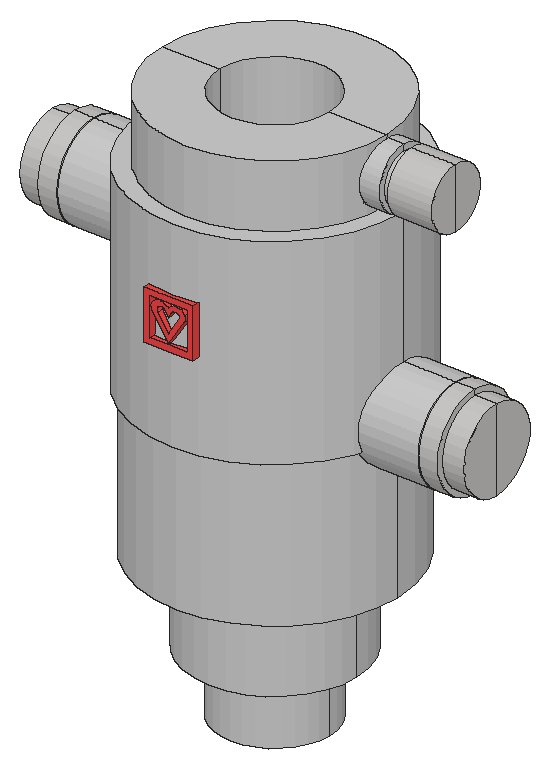
Revit family "Клапан предотвращения обратного потока 0302", category Rohrzubehör, Revit 2021
Family settings
  Bemaßung runder Anschluss = Durchmesser verwenden
  Teiletyp = Unterbricht
  OmniClass-Nummer = 23.65.55.14
  OmniClass-Titel = Valves for Liquid Services
  Arbeitsebenenbasiert = Nein
  Immer vertikal = Ja
  Beim Laden mit Abzugskörper schneiden = Nein
  Gemeinsam genutzt = Nein
Parameters (values of type "DN15 (3/4"-3/4")")
  Уплотнение = "EPDM"  # constant formula
  Примечание = "В соответствии со статьей 33 Регламента REACH (Registration; Evaluation; Authorisation; Restriction of Chemicals) (EC № 1907/2006) мы обязаны указать, что свинец внесен в список SVHC (Substances of Very High Concern - вещества очень высокой важности) и весовой процент свинца во всех латунных компонентах заводского изготовления в наших изделиях, превышает 0,1 % (w/w) (CAS: 7439-92-1 / EINECS: 231-100-4).\r\nПоскольку свинец является легирующим компонентом сплава, прямое негативное влияние исключается, и поэтому дополнительной информации о безопасном использовании не требуется."
  Область применения = "Клапан предотвращения обратного потока устанавливается на водоразборной арматуре с подключение под шланг.\r\nБлагодаря своей компактной конструкции клапан применяется в тех случаях, когда необходима привязка к сточным водам."
  Макс. рабочее давление = 1000000.0 Pa  # constant formula
  Макс. рабочая температура = 65 °C  # constant formula
  Корпус = "штампованная латунь (CW617N), хромированная"  # constant formula
  Макс. допустимая рабочая температура (кратковременно) = 80 °C  # constant formula
  Исполнение = "Клапан предотвращения обратного потока ВА разработан согласно требованиям нормы DIN EN 1717.\r\nСогласно этой нормы качество воды, в зависимости от степени загрязнения, разделяется на 5 категорий.\r\nКлапан предотвращения обратного потока типа ВА обеспечивает защиту от непитьевой воды до 4 категории, - это самый высокий класс защиты, который может обеспечить арматура.\r\nКлапан предотвращения обратного потока укомплектован стопорным болтом и фильтрующим элементом от загрязнения.\r\nЭтот фильтрующий диск должен быть правильно установлен на арматуре.\r\nНа него сверху устанавливается уплотнение.\r\nУстановка фильтра-грязевика перед клапаном предотвращения обратного потока помогает обеспечить его долгий срок службы.\r\nКлапан предотвращения обратного потока может быть установлен только в вертикальном положении.\r\nHERZ-клапан предотвращения обратного потока морозоустойчивый."
  Vorgabe-Ansicht = 0.00 mm
  URL = "www.herz-armaturen.ru"
  Картридж клапана предотвращения обратного потока = "высококачественный устойчивый к известковому налету пластик"  # constant formula
  SCTWSEQ = "AW;SBT_TYP_AW=\"104\";2"
  SCTWCODE = "04;12;02"  # constant formula
  S03 = 29.00 mm  # constant formula
  S02 = 53.00 mm  # constant formula
  S01 = 13.00 mm  # constant formula
  NennweiteEin [instance] = if([20_20], 20.00 mm, if([25_20], 25.00 mm, if([25_25], 25.00 mm, 0.00 mm)))  # 20.00 mm
  NennweiteAus [instance] = if([20_20], 20.00 mm, if([25_20], 20.00 mm, if([25_25], 25.00 mm, 0.00 mm)))  # 20.00 mm
  Среда = "вода (не пар)"  # constant formula
  LO01 = 70.00 mm  # constant formula
  IG (ein) [instance] = NennweiteEin / 2  # 10.00 mm
  Hersteller = "HERZ Armaturen Ges.m.b.H."  # constant formula
  H09 = 7.50 mm  # constant formula
  H08 = 24.50 mm  # constant formula
  H07 = 8.50 mm  # constant formula
  H06 = 57.50 mm  # constant formula
  H05 = 6.00 mm  # constant formula
  H04 = 11.50 mm  # constant formula
  H03 = 54.00 mm  # constant formula
  H02 = 27.00 mm  # constant formula
  H01 = 102.00 mm  # constant formula
  GT (IG) [instance] = if([20_20], 11.30 mm, if([25_20], 12.50 mm, if([25_25], 12.50 mm, 0.00 mm)))  # 11.30 mm
  GT (AG) [instance] = if([20_20], 11.30 mm, if([25_20], 12.50 mm, if([25_25], 12.50 mm, 0.00 mm)))  # 11.30 mm
  Положение при монтаже = "вертикальное"  # constant formula
  D10 = 4.00 mm  # constant formula
  D09 = 40.50 mm  # constant formula
  D08 = 4.50 mm  # constant formula
  D07 = 5.50 mm  # constant formula
  D06 = 33.00 mm  # constant formula
  D05 [instance] = (NennweiteEin / 2) + 1.00 mm  # 11.00 mm
  D04 = 15.00 mm  # constant formula
  D03 = 22.50 mm  # constant formula
  D02 = 23.50 mm  # constant formula
  D01 = 20.50 mm  # constant formula
  Номер заказа = if([20_20], "I030202", if([25_20], "I030203", if([25_25], "I030213", "0")))  # "I030202"
  AG (aus) [instance] = NennweiteAus / 2  # 10.00 mm
  25_25 = no
  25_20 = no
  20_20 = yes
Types (4, lengths in mm): name | NennweiteEin | NennweiteAus | IG (ein) | GT (IG) | GT (AG) | D05 | Номер заказа | AG (aus) | 25_25 | 25_20 | 20_20
  (no name) | 20.00 | 20.00 | 10.00 | 11.30 | 11.30 | 11.00 | "I030202" | 10.00 | no | no | yes
  DN15 (3/4"-3/4") | 20.00 | 20.00 | 10.00 | 11.30 | 11.30 | 11.00 | "I030202" | 10.00 | no | no | yes
  DN20 (1"-3/4") | 25.00 | 20.00 | 12.50 | 12.50 | 12.50 | 13.50 | "I030203" | 10.00 | no | yes | no
  DN20 (1"-1") | 25.00 | 25.00 | 12.50 | 12.50 | 12.50 | 13.50 | "I030213" | 12.50 | yes | no | no
Reference planes
  plane 1 "Mitte (Vorne/hinten)": y = 0
  plane 2: z = 0
  plane 3 "Mitte (Links/rechts)": x = 0
Forms (mm)
  Revolve 1, solid, material "Messing, vernickelt", detail levels fine
    sketch origin (0, 0, 0) x (1, 0, 0) y (0, 0, 1)
      loop
        line (0, 0) -> (0, 90.7) -> (-10, 90.7) -> (-10, 102) -> (-20.5, 102) -> (-20.5, 90.5) -> (-23.5, 90.5) -> (-23.5, 54) -> (-22.5, 54) -> (-22.5, 27) -> (-15, 27) -> (-15, 11.3) -> (-10, 11.3) -> (-10, 0) -> (0, 0)
      axis (0, 102) -> (0, 0)
    angle from 0 to 360
  Revolve 2, solid, material "Messing, vernickelt", detail levels fine
    sketch origin (0, 0, 0) x (1, 0, 0) y (0, 0, 1)
      loop
        line (11, 101.5) -> (11, 96) -> (23.5, 96) -> (23.5, 101.5) -> (11, 101.5)
      axis (11, 96) -> (23.5, 96)
    angle from 0 to 360
  Revolve 3, solid, material "Messing, vernickelt", detail levels fine
    sketch origin (0, 0, 0) x (1, 0, 0) y (0, 0, 1)
      loop
        line (0, 66) -> (0, 57.5) -> (33, 57.5) -> (33, 66) -> (0, 66)
      axis (33, 57.5) -> (0, 57.5)
    angle from 0 to 360
  Revolve 4, solid, material "Messing, vernickelt", detail levels fine
    sketch origin (0, 0, 0) x (1, 0, 0) y (0, 0, 1)
      loop
        line (0, 77.5) -> (0, 86) -> (-33, 86) -> (-33, 77.5) -> (0, 77.5)
      axis (-33, 77.5) -> (0, 77.5)
    angle from 0 to 360
  Revolve 5, solid, material "Edelstahl", detail levels fine
    sketch origin (0, 0, 0) x (1, 0, 0) y (0, 0, 1)
      loop
        line (23.5, 96) -> (33, 96) -> (33, 101.5) -> (25, 101.5) -> (25, 100.5) -> (23.5, 100.5) -> (23.5, 96)
      axis (23.5, 96) -> (33, 96)
    angle from 0 to 360
  Revolve 6, solid, material "Edelstahl", detail levels fine
    sketch origin (0, 0, 0) x (1, 0, 0) y (0, 0, 1)
      loop
        line (33, 57.5) -> (40.5, 57.5) -> (40.5, 65) -> (36.5, 65) -> (36.5, 66) -> (33, 66) -> (33, 57.5)
      axis (33, 57.5) -> (40.5, 57.5)
    angle from 0 to 360
  Revolve 7, solid, material "Edelstahl", detail levels fine
    sketch origin (0, 0, 20) x (-1, 0, 0) y (0, 0, 1)
      loop
        line (33, 57.5) -> (40.5, 57.5) -> (40.5, 65) -> (36.5, 65) -> (36.5, 66) -> (33, 66) -> (33, 57.5)
      axis (33, 57.5) -> (40.5, 57.5)
    angle from 0 to 360
Lines and regions (mm)
  model lines, detail levels coarse+medium
    curve 1: line (-23.5, 0, 102) -> (23.5, 0, 102)
    curve 2: line (-23.5, 0, 0) -> (-23.5, 0, 102)
    curve 3: line (23.5, 0, 0) -> (-23.5, 0, 0)
    curve 4: line (23.5, 0, 102) -> (23.5, 0, 0)
    curve 5: line (-10.5, 0, 102) -> (-10.5, 0, 49)
    curve 6: line (-10.5, 0, 29) -> (-10.5, 0, 0)
    curve 7: line (10.5, 0, 102) -> (10.5, 0, 49)
    curve 8: line (10.5, 0, 29) -> (10.5, 0, 0)
    curve 9: line (0, 23.5, 102) -> (0, -23.5, 102)
    curve 10: line (0, 23.5, 0) -> (0, 23.5, 102)
    curve 11: line (0, -23.5, 0) -> (0, 23.5, 0)
    curve 12: line (0, -23.5, 102) -> (0, -23.5, 0)
    curve 13: line (0, 10.5, 102) -> (0, 10.5, 49)
    curve 14: line (0, 10.5, 29) -> (0, 10.5, 0)
    curve 15: line (0, -10.5, 102) -> (0, -10.5, 49)
    curve 16: line (0, -10.5, 29) -> (0, -10.5, 0)
Dimensions and locks
  "H01": Revolve 1 sketch curve to plane 2
  "IG (ein)": Revolve 1 sketch curve to plane 3 "Mitte (Links/rechts)"
  "AG (aus)": Revolve 1 sketch curve to plane 3 "Mitte (Links/rechts)"
  "GT (IG)": Revolve 1 sketch curve to Revolve 1 sketch curve
  "GT (AG)": Revolve 1 sketch curve to Revolve 1 sketch curve
  "D01": Revolve 1 sketch curve to plane 3 "Mitte (Links/rechts)"
  "D02": plane 3 "Mitte (Links/rechts)" to Revolve 1 sketch curve
  "D03": Revolve 1 sketch curve to plane 3 "Mitte (Links/rechts)"
  "D04": Revolve 1 sketch curve to plane 3 "Mitte (Links/rechts)"
  "H02": Revolve 1 sketch curve to plane 2
  "H03": Revolve 1 sketch curve to plane 2
  "H04": Revolve 1 sketch curve to Revolve 1 sketch curve
  "H05": Revolve 1 to Revolve 2 sketch curve
  "D02": Revolve 2 sketch curve to plane 3 "Mitte (Links/rechts)"
  "D05": Revolve 2 sketch curve to plane 3 "Mitte (Links/rechts)"
  "H06": Revolve 3 sketch curve to plane 2
  "H07": Revolve 3 sketch curve to Revolve 3 sketch curve
  "D06": Revolve 3 sketch curve to plane 3 "Mitte (Links/rechts)"
  "D06": plane 3 "Mitte (Links/rechts)" to Revolve 4 sketch curve
  "H07": Revolve 4 sketch curve to Revolve 4 sketch curve
  "H08": Revolve 1 to Revolve 4 sketch curve
  "D06": Revolve 5 sketch curve to plane 3 "Mitte (Links/rechts)"
  Revolve 5 sketch curve to Revolve 5 sketch curve = 1.50 mm
  "D02": Revolve 5 sketch curve to plane 3 "Mitte (Links/rechts)"
  "D07": Revolve 5 sketch curve to Revolve 5 sketch curve
  "H05": Revolve 1 to Revolve 5 sketch curve
  "D07": Revolve 2 sketch curve to Revolve 2 sketch curve
  "D08": Revolve 5 sketch curve to Revolve 5 sketch curve
  "D06": plane 3 "Mitte (Links/rechts)" to Revolve 6 sketch curve
  "D09": Revolve 6 sketch curve to plane 3 "Mitte (Links/rechts)"
  "D10": Revolve 6 sketch curve to Revolve 6 sketch curve
  "H07": Revolve 6 sketch curve to Revolve 6 sketch curve
  "H09": Revolve 6 sketch curve to Revolve 6 sketch curve
  "D10": Revolve 7 sketch curve to Revolve 7 sketch curve
  "H07": Revolve 7 sketch curve to Revolve 7 sketch curve
  "H09": Revolve 7 sketch curve to Revolve 7 sketch curve
  "H08": Revolve 1 to Revolve 7 sketch curve
  "D06": plane 3 "Mitte (Links/rechts)" to Revolve 7 sketch curve
  "D09": plane 3 "Mitte (Links/rechts)" to Revolve 7 sketch curve
  "D02": nested 1 to plane 1 "Mitte (Vorne/hinten)"
  "LO01": nested 1 to plane 2
  "H01": curve 1 to plane 2
  "D02": curve 4 to plane 3 "Mitte (Links/rechts)" to curve 2
  "S01": curve 2 to curve 5
  "S01": curve 7 to curve 4
  "S01": curve 6 to curve 2
  "S01": curve 8 to curve 4
  "S02": curve 1 to curve 7
  "S02": curve 1 to curve 5
  "S03": curve 8 to curve 3
  "S03": curve 6 to curve 3
  "H01": curve 9 to plane 2
  "S03": curve 16 to plane 2
  "S02": curve 15 to curve 9
  "S01": curve 15 to curve 12
  "S01": curve 10 to curve 13
  "D02": curve 10 to plane 1 "Mitte (Vorne/hinten)" to curve 12
  "S01": curve 10 to curve 14
  "S01": curve 16 to curve 12
  "S03": curve 14 to plane 2
  "S02": curve 13 to curve 9
  aligned and locked: level to plane 2
Automatic sketch dimensions
  curve 16 to level = 0.00 mm
  curve 8 to level = 0.00 mm
  Revolve 1 sketch curve to plane 3 "Mitte (Links/rechts)" = 0.00 mm  (x2)
  Revolve 1 sketch curve to level = 0.00 mm
  Revolve 1 sketch curve to level = 366.045 mm
  Revolve 1 sketch curve to Revolve 1 sketch curve = 2112.315 mm
  Revolve 2 sketch curve to Revolve 2 sketch curve = 0.00 mm  (x3)
  Revolve 3 sketch curve to plane 3 "Mitte (Links/rechts)" = 0.00 mm  (x2)
  Revolve 3 sketch curve to Revolve 3 sketch curve = 0.00 mm  (x2)
  Revolve 4 sketch curve to plane 3 "Mitte (Links/rechts)" = 0.00 mm  (x2)
  Revolve 4 sketch curve to Revolve 4 sketch curve = 0.00 mm  (x2)
  Revolve 5 sketch curve to Revolve 5 sketch curve = 0.00 mm  (x3)
  level to Revolve 6 sketch curve = 57.50 mm
  Revolve 6 sketch curve to Revolve 6 sketch curve = 0.00 mm  (x3)
  Revolve 7 sketch curve to Revolve 7 sketch curve = 0.00 mm  (x3)
Nested families
  nested 1: "Herz-Logo-vorne" at (0, -23.5, 74.5) x (0, 1, 0) z (0, 0, 1), type "Herz-Logo-vorne", detail levels fine
Connectors
  piping at (0, 0, 90.7), diameter 20, driven by "NennweiteEin"
    settings: on Revolve 1, index 1, connector inside diameter 609.6 mm, connector length 0.00 mm, flow factor 0, pipe flow 0.0 L/s, pressure drop 0.0 Pa, fitting loss kfactor 0, connector angle 0.00°, fixture units 0, engagement length 0.00 mm, angle of deflection 0.00°, flow configuration 0, flow direction 1, fitting loss method 0, system type 29, joint type 0, gender type 0, connector reference index -1, connector utility 0, adjustable connector no, is connector primary yes, connector description ""
  piping at (0, 0, 0), diameter 20, driven by "NennweiteAus"
    settings: on Revolve 1, index 2, connector inside diameter 609.6 mm, connector length 0.00 mm, flow factor 0, pipe flow 0.0 L/s, pressure drop 0.0 Pa, fitting loss kfactor 0, connector angle 0.00°, fixture units 0, engagement length 0.00 mm, angle of deflection 0.00°, flow configuration 0, flow direction 2, fitting loss method 0, system type 29, joint type 0, gender type 0, connector reference index -1, connector utility 0, adjustable connector no, is connector primary no, connector description ""
Definition of nested family "Herz-Logo-vorne"
  Parameters (values of type "Herz-Logo-vorne")
    Default Elevation = 0.00 mm
  Reference planes
    plane 1 "Mitte (Vorne/hinten)": y = 0
    plane 2: z = 0
    plane 3 "Mitte (Links/rechts)": x = 0
  Forms (mm)
    Extrusion 1, solid
      sketch origin (0.732, -0.018, 0.017) x (0, -1, 0) y (0, 0, 1)
        loop
          line (-0.018, -4.517) -> (4.482, -4.517) -> (4.482, 4.483) -> (-4.518, 4.483) -> (-4.518, -4.517) -> (-0.018, -4.517)
        loop
          line (-0.05, -3.48) -> (3.482, -3.48) -> (3.482, 3.483) -> (-3.518, 3.483) -> (-3.518, -3.48) -> (-0.05, -3.48)
        loop
          arc (-0.018, 2.383) -> (-1.543, 3.287) -> (-3.067, 2.383) r 1.738
          arc (-3.067, 2.383) -> (-3.191, 1.899) -> (-3.067, 1.415) r 1.009
          line (-3.067, 1.415) -> (-0.018, -3.281) -> (3.032, 1.415)
          arc (3.032, 1.415) -> (3.156, 1.899) -> (3.032, 2.383) r 1.009
          arc (3.032, 2.383) -> (1.507, 3.287) -> (-0.018, 2.383) r 1.738
        loop
          arc (1.885, 1.272) -> (2.005, 1.675) -> (1.885, 2.079) r 0.74
          arc (1.885, 2.079) -> (1.265, 2.416) -> (0.644, 2.079) r 0.74
          line (0.644, 2.079) -> (-0.018, 0.97) -> (-0.679, 2.079)
          arc (-0.679, 2.079) -> (-1.3, 2.416) -> (-1.921, 2.079) r 0.74
          arc (-1.921, 2.079) -> (-2.04, 1.675) -> (-1.921, 1.272) r 0.74
          line (-1.921, 1.272) -> (-0.018, -1.658) -> (1.885, 1.272)
      from 0 to 1.5
  Dimensions and locks
    aligned and locked: level to plane 2
